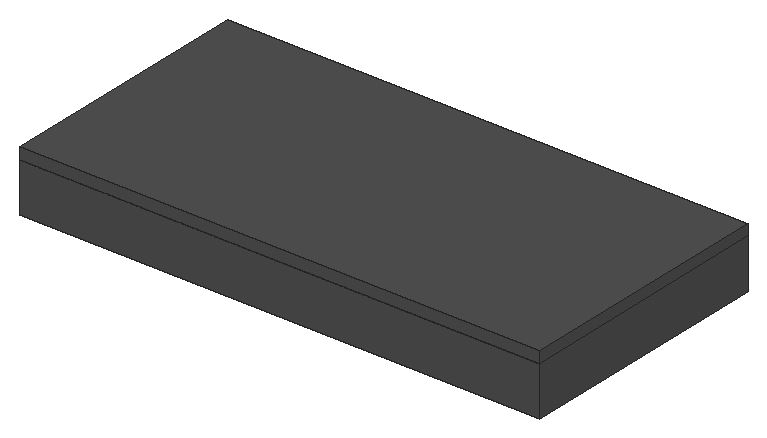
Revit family
Parameters (values of type "0600 x 1200mm(4 램프)")
  Wattage = 160 W
  built-in parameter 1150110 = 1 (stored number, unit not read)
  built-in parameter 1114217 = 1 (stored number, unit not read)
  built-in parameter 1150109 = 1 (stored number, unit not read)
  built-in parameter 1150134 = 8
  built-in parameter 1150113 = 1 (stored number, unit not read)
  built-in parameter 1150115 = 1 (stored number, unit not read)
  built-in parameter 1150105 = 4010.7 (stored number, unit not read)
  Light Source Symbol Size = 609.6 mm
  built-in parameter 1150137 = (empty or 0)
  built-in parameter 1150139 = (empty or 0)
  built-in parameter 1150112 = 1 (stored number, unit not read)
  built-in parameter 1150114 = 1 (stored number, unit not read)
  built-in parameter 1150132 = (empty or 0)
  built-in parameter 1150102 = (empty or 0)
  built-in parameter 1150138 = (empty or 0)
  built-in parameter 1150107 = 4230 (stored number, unit not read)
  built-in parameter 1150106 = 40.107 (stored number, unit not read)
  Emit from Rectangle Width = 폭  # 600 mm
  Emit from Rectangle Length = 길이  # 1200 mm
  Emit Shape Visible in Rendering = no
  built-in parameter 1150104 = 7.3161 (stored number, unit not read)
  Dimming Lamp Color Temperature Shift = (empty or 0)
  Color Filter = 16777215
  원 지름 = 폭 * 0.6  # 360 mm
  디퓨저 = 유리 - 흰색, 높은 휘도
  Lamp = "T-12"
  길이 = 1200 mm
  조명 상자 = 금속 - 크롬
  Lumens = 12600 lm
  Wattage Comments = "(4)40"
  폭 = 600 mm
  built-in parameter 1114218 = 1 (stored number, unit not read)
  built-in parameter 1150133 = 10 (stored number, unit not read)
Types (6, lengths in mm): name | Wattage | built-in parameter 1150105 | built-in parameter 1150106 | Emit from Rectangle Width | Emit from Rectangle Length | built-in parameter 1150104 | 원 지름 | 길이 | Lumens | Wattage Comments | 폭
  (no name) | 160 W | 4010.7 (stored number, unit not read) | 40.107 (stored number, unit not read) | 600 | 1200 | 7.3161 (stored number, unit not read) | 360 | 1200 | 12600 lm | "(4)40" | 600
  0300 x 1200mm(2 램프) | 80 W | 2005.4 (stored number, unit not read) | 20.054 (stored number, unit not read) | 300 | 1200 | 7.3161 (stored number, unit not read) | 180 | 1200 | 6300 lm | "(2)40" | 300
  0600 x 0600mm(4 램프) | 80 W | 1655.2 (stored number, unit not read) | 16.552 (stored number, unit not read) | 600 | 600 | 6.0387 (stored number, unit not read) | 360 | 600 | 5200 lm | "(4)20" | 600
  0600 x 1200mm(2 램프) | 80 W | 1655.2 (stored number, unit not read) | 16.552 (stored number, unit not read) | 600 | 1200 | 6.0387 (stored number, unit not read) | 360 | 1200 | 5200 lm | "(2)40" | 600
  0600 x 1200mm(4 램프) | 160 W | 4010.7 (stored number, unit not read) | 40.107 (stored number, unit not read) | 600 | 1200 | 7.3161 (stored number, unit not read) | 360 | 1200 | 12600 lm | "(4)40" | 600
  0600 x 0600mm(2 램프) | 40 W | 827.61 (stored number, unit not read) | 8.2761 (stored number, unit not read) | 600 | 600 | 6.0387 (stored number, unit not read) | 360 | 600 | 2600 lm | "(2)20" | 600
Reference planes
  plane 1 "광원 축": y = -59.466
  plane 2 "천장": z = 2438.4
  plane 3 "광원 축": x = -18.704
  plane 4 "광원 입면도": z = 2438.4
  plane 5: x = -618.704
  plane 6: x = 581.296
  plane 7: y = 240.534
  plane 8: y = -359.466
Forms (mm)
  Extrusion 1, solid, material "금속 - 크롬" <- "조명 상자"
    sketch origin (0, 0, 2438.4) x (1, 0, 0) y (0, 1, 0)
      loop
        line (-618.704, 240.534) -> (-618.704, -359.466) -> (581.296, -359.466) -> (581.296, 240.534) -> (-618.704, 240.534)
      loop
        line (-593.304, 215.134) -> (-593.304, -334.066) -> (555.896, -334.066) -> (555.896, 215.134) -> (-593.304, 215.134)
    from 0 to 114.3
  Extrusion 2, solid, material "금속 - 크롬" <- "조명 상자"
    sketch origin (0, 0, 2438.4) x (1, 0, 0) y (0, 1, 0)
      loop
        line (-618.704, 240.534) -> (-618.704, -359.466) -> (581.296, -359.466) -> (581.296, 240.534) -> (-618.704, 240.534)
    from 114.3 to 139.7
  Extrusion 3, solid, material "유리 - 흰색, 높은 휘도" <- "디퓨저"
    sketch origin (0, 0, 2438.4) x (1, 0, 0) y (0, 1, 0)
      loop
        line (-593.304, 215.134) -> (-593.304, -334.066) -> (555.896, -334.066) -> (555.896, 215.134) -> (-593.304, 215.134)
    from 0 to 6.35
Lines and regions (mm)
  Opening 1
    outline origin (0, 0, 2438.4) x (1, 0, 0) y (0, 1, 0)
      loop
        line (-618.704, 240.534) -> (-618.704, -359.466) -> (581.296, -359.466) -> (581.296, 240.534) -> (-618.704, 240.534)
  sketch lines
    curve 1: line (-1542.704, 1464.534, 0) -> (1505.296, 1464.534, 0)
    curve 2: line (-1542.704, 1464.534, 0) -> (-1542.704, -1583.466, 0)
    curve 3: line (-1542.704, -1583.466, 0) -> (1505.296, -1583.466, 0)
    curve 4: line (1505.296, 1464.534, 0) -> (1505.296, -1583.466, 0)
  model lines
    curve 5: line (-618.704, 240.534, 2438.4) -> (581.296, 240.534, 2438.4)
    curve 6: line (-618.704, -359.466, 2438.4) -> (-618.704, 240.534, 2438.4)
    curve 7: line (581.296, -359.466, 2438.4) -> (-618.704, -359.466, 2438.4)
    curve 8: line (581.296, 240.534, 2438.4) -> (581.296, -359.466, 2438.4)
    curve 9: line (-593.304, 215.134, 2438.4) -> (555.896, 215.134, 2438.4)
    curve 10: line (-593.304, -334.066, 2438.4) -> (-593.304, 215.134, 2438.4)
    curve 11: line (555.896, -334.066, 2438.4) -> (-593.304, -334.066, 2438.4)
    curve 12: line (555.896, 215.134, 2438.4) -> (555.896, -334.066, 2438.4)
    curve 13: arc (161.296, -59.466, 2438.4) -> (-18.704, 120.534, 2438.4) -> (-198.704, -59.466, 2438.4) r 180
    curve 14: arc (-198.704, -59.466, 2438.4) -> (-18.704, -239.466, 2438.4) -> (161.296, -59.466, 2438.4) r 180
    curve 15: line (-593.304, 215.134, 2438.4) -> (-181.111, 18.148, 2438.4)
    curve 16: line (-181.111, -137.08, 2438.4) -> (-593.304, -334.066, 2438.4)
    curve 17: line (555.896, 215.134, 2438.4) -> (143.704, 18.148, 2438.4)
    curve 18: line (555.896, -334.066, 2438.4) -> (143.704, -137.08, 2438.4)
Dimensions and locks
  equal spacing: curve 2, plane 3 "광원 축", curve 4
  equal spacing: curve 3, plane 1 "광원 축", curve 1
  curve 2 to curve 4 = 3048 mm
  curve 3 to curve 1 = 3048 mm
  equal spacing: plane 5, plane 3 "광원 축", plane 6
  equal spacing: plane 8, plane 1 "광원 축", plane 7
  "길이": plane 5 to plane 6
  "폭": plane 8 to plane 7
  locked: Extrusion 1 sketch curve to Extrusion 1 sketch curve at 25.4
  "원 지름": curve 14 to curve 14
  locked: curve 12 to plane 6 at 25.4
  locked: plane 5 to curve 10 at 25.4
  locked: curve 9 to plane 7 at 25.4
  locked: plane 8 to curve 11 at 25.4
  aligned and locked: plane 3 "광원 축" to imposter light
  aligned and locked: plane 1 "광원 축" to imposter light
  aligned and locked: plane 4 "광원 입면도" to imposter light  (x2)
  aligned and locked: plane 4 "광원 입면도" to plane 2 "천장"
Automatic sketch dimensions
  Opening 1 sketch curve to plane 5 = 0 mm
  Opening 1 sketch curve to plane 6 = 0 mm
  Opening 1 sketch curve to plane 8 = 0 mm
  Opening 1 sketch curve to plane 7 = 0 mm
  Extrusion 1 sketch curve to plane 5 = 0 mm
  Extrusion 1 sketch curve to plane 6 = 0 mm
  Extrusion 1 sketch curve to plane 8 = 0 mm
  Extrusion 1 sketch curve to plane 7 = 0 mm
  Extrusion 1 sketch curve to plane 5 = 25.4 mm
  plane 6 to Extrusion 1 sketch curve = 25.4 mm
  Extrusion 1 sketch curve to plane 8 = 25.4 mm
  Extrusion 2 sketch curve to plane 5 = 0 mm
  Extrusion 2 sketch curve to plane 6 = 0 mm
  Extrusion 2 sketch curve to plane 8 = 0 mm
  Extrusion 2 sketch curve to plane 7 = 0 mm
  Extrusion 3 sketch curve to plane 5 = 25.4 mm
  plane 6 to Extrusion 3 sketch curve = 25.4 mm
  Extrusion 3 sketch curve to plane 8 = 25.4 mm
  plane 7 to Extrusion 3 sketch curve = 25.4 mm
  curve 7 to plane 5 = 0 mm
  curve 14 to plane 1 "광원 축" = 0 mm
  curve 13 to plane 3 "광원 축" = 0 mm
  curve 8 to plane 6 = 0 mm
  curve 7 to plane 8 = 0 mm
  curve 8 to plane 7 = 0 mm
  plane 1 "광원 축" to curve 16 = 77.614 mm
  curve 15 to plane 1 "광원 축" = 77.614 mm
  curve 17 to plane 1 "광원 축" = 77.614 mm
  plane 1 "광원 축" to curve 18 = 77.614 mm
